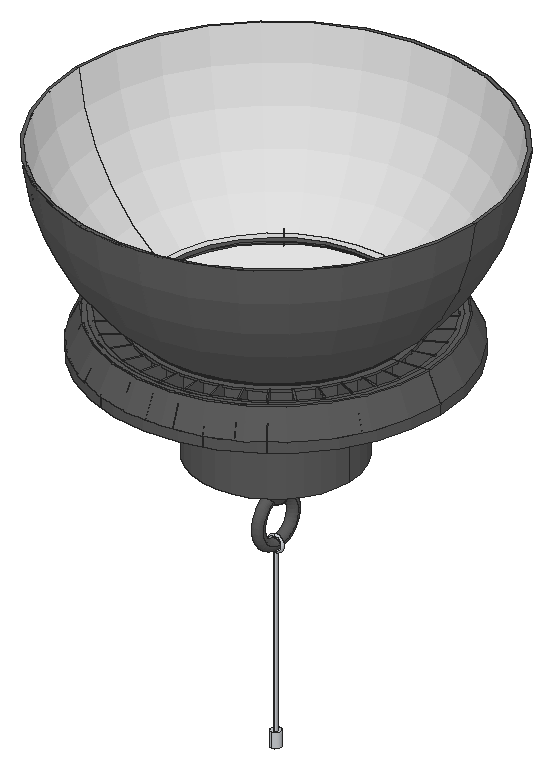
Revit family "0039352+0039360 Feilo Sylvania Lighting Fixture START HIGHBAY 6K 26KLM WIDE with ALU SHADE BLACK COLOR FOR 26KLM", category Lighting Fixtures, host Face, Revit 2017
Family settings
  Host = Face
  Round Connector Dimension = Use Diameter
  Part Type = Normal
  OmniClass Number = 23.80.70.00
  OmniClass Title = Lighting
  Cut with Voids When Loaded = No
  Light Source = Yes
  Shared = No
  Room Calculation Point = No
Parameters (values of type "0039352+0039360 START HIGHBAY 6K 26KLM WIDE ALU SHADE BLACK COLOR FOR 26KLM")
  WidthStraight_FEILO = if(SizeS_FEILO, 3 mm, if(SizeM_FEILO, 4 mm, 4.7 mm))  # 4.7 mm
  WidthRingChamfer_FEILO = if(SizeS_FEILO, 10.3 mm, if(SizeM_FEILO, 11.2 mm, 12.9 mm))  # 12.9 mm
  WidthCurved_FEILO = if(SizeS_FEILO, 17.4 mm, if(SizeM_FEILO, 16.4 mm, 26.2 mm))  # 26.2 mm
  WidthCurvedRing_FEILO = if(SizeS_FEILO, 3 mm, if(SizeM_FEILO, 4 mm, 4.7 mm))  # 4.7 mm
  WidthBracket_FEILO = 40 mm
  Weight = "3.7 kg"
  Wattage Comments = ""
  Wattage = 200 W
  WarrantyStartDate [instance] = "n/a"
  WarrantyGuarantorParts = "n/a"
  WarrantyDurationUnit = "n/a"
  WarrantyDurationParts = "n/a"
  WarrantyDescription = "n/a"
  built-in parameter 1150110 = 1 (stored number, unit not read)
  Voltage = 230 V
  VisibilityBracket_FEILO = no
  URL = "http://www.sylvania-lighting.com"
  TypeName = "START HIGHBAY 6K 26KLM WIDE ALU SHADE BLACK COLOR FOR 26KLM"
  Type Image = <None>
  Type Comments = "n/a"
  built-in parameter 1114217 = 1 (stored number, unit not read)
  Tilt Angle = -90.00°
  ThicknessWall_FEILO = 1.5 mm
  ThicknessBracket_FEILO = 1.5 mm
  ThicknessBracketHalf_FEILO = ThicknessBracket_FEILO / 2  # 0.75 mm
  built-in parameter 1150109 = 1 (stored number, unit not read)
  built-in parameter 1150134 = 1
  SuspensionHeight_FEILO [instance] = 400 mm
  built-in parameter 1150113 = 1 (stored number, unit not read)
  SizeS_FEILO = no
  SizeM_FEILO = no
  ShadeThickness_FEILO = 3 mm
  ShadeSizeSM_FEILO = or(SizeS_FEILO, SizeM_FEILO)  # no
  ShadeRadiusOut_FEILO = 205 mm
  ShadeRadiusIn_FEILO = if(ShadeSizeSM_FEILO, 95 mm, 121 mm)  # 121 mm
  ShadeRadiusBend_FEILO = if(ShadeSizeSM_FEILO, 210 mm, 210 mm)  # 210 mm
  ShadeHeight_FEILO = if(ShadeSizeSM_FEILO, 120 mm, 151 mm)  # 151 mm
  SerialNumber [instance] = "n/a"
  Rib4_FEILO = if(SizeS_FEILO, 18.1 mm, if(SizeM_FEILO, 13.6 mm, 14.6 mm))  # 14.6 mm
  Rib3_FEILO = if(SizeS_FEILO, 15.3 mm, if(SizeM_FEILO, 17.6 mm, 20.2 mm))  # 20.2 mm
  Rib2_FEILO = if(SizeS_FEILO, 3.6 mm, if(SizeM_FEILO, 3.9 mm, 4.5 mm))  # 4.5 mm
  Rib1_FEILO = if(SizeS_FEILO, 15.1 mm, if(SizeM_FEILO, 16.5 mm, 19 mm))  # 19 mm
  RadiusDiffuser_FEILO = if(SizeS_FEILO, 95.2 mm, if(SizeM_FEILO, 105.3 mm, 120 mm))  # 120 mm
  RadiusArrayPost_FEILO = DriverRadius_FEILO - 6 mm  # 70.4 mm
  RHRadius3_FEILO = if(SizeS_FEILO, 6.6 mm, if(SizeM_FEILO, 7.4 mm, 8.6 mm))  # 8.6 mm
  RHRadius2_FEILO = if(SizeS_FEILO, 11 mm, if(SizeM_FEILO, 12 mm, 14 mm))  # 14 mm
  RHRadius1_FEILO = if(SizeS_FEILO, 13.6 mm, if(SizeM_FEILO, 14.9 mm, 17.7 mm))  # 17.7 mm
  RHHeight4_FEILO = if(SizeS_FEILO, 7.3 mm, if(SizeM_FEILO, 8 mm, 9.2 mm))  # 9.2 mm
  RHHeight3_FEILO = if(SizeS_FEILO, 3.6 mm, if(SizeM_FEILO, 3.7 mm, 4.6 mm))  # 4.6 mm
  RHHeight2_FEILO = if(SizeS_FEILO, 2 mm, if(SizeM_FEILO, 2.2 mm, 2.6 mm))  # 2.6 mm
  RHHeight1_FEILO = if(SizeS_FEILO, 11.8 mm, if(SizeM_FEILO, 15.3 mm, 17.4 mm))  # 17.4 mm
  Photometric Web File = "0039352+0039360.ies"
  Material_5_FEILO = Shade-Sylvania-StartHighbay-Alu
  Material_3_FEILO = LED-Sylvania-StartHighbay-Glow
  PowerFactor = 0.95
  PowerConsumption = "200 W"
  NominalLength = 339 mm
  NominalHeight = 194 mm
  NominalDepth = 339 mm
  Name = "START HIGHBAY 6K 26KLM WIDE ALU SHADE BLACK COLOR FOR 26KLM"
  ModelReference = Name  # "START HIGHBAY 6K 26KLM WIDE ALU SHADE BLACK COLOR FOR 26KLM"
  ModelNumber = "0039352+0039360"
  Model = Name  # "START HIGHBAY 6K 26KLM WIDE ALU SHADE BLACK COLOR FOR 26KLM"
  Material = "aluminium alloy housing, polycarbonate diffuser"
  ManufacturerName = "Feilo Sylvania"
  Manufacturer = "Feilo Sylvania"
  LuminousEfficacy = "130 lm/W"
  built-in parameter 1150105 = 14870 (stored number, unit not read)
  Lumens = 26000 lm
  LuminaireType = ""
  built-in parameter 1150115 = 1 (stored number, unit not read)
  LightOutputRatio = "n/a"
  built-in parameter 1150137 = (empty or 0)
  built-in parameter 1150139 = (empty or 0)
  LampsType = Lamp  # "LED"
  LampNominalLuminous = "26000 lm"
  LampMacAdamStep = "n/a"
  LampColourTemperature = "6500 K"
  LampColourRenderingIndex = "80"
  built-in parameter 1150112 = 1 (stored number, unit not read)
  built-in parameter 1150114 = 1 (stored number, unit not read)
  Lamp = "LED"
  Keynote = "16500"
  InstallationDate [instance] = "n/a"
  InputVoltage = "220-240V~"
  InputNominalFrequency = "50/60 Hz"
  built-in parameter 1150132 = (empty or 0)
  built-in parameter 1150102 = (empty or 0)
  built-in parameter 1150107 = 6500 (stored number, unit not read)
  built-in parameter 1150138 = (empty or 0)
  IngressProtection = "IP65"
  ImpactProtectionIndex = "IK08"
  built-in parameter 1150106 = 148.7 (stored number, unit not read)
  IfcExportType = "IfcLightFixtureType"
  IfcExportAs = "IfcLightFixtureType"
  HeightRing_FEILO = if(SizeS_FEILO, 19.8 mm, if(SizeM_FEILO, 32 mm, 36.8 mm))  # 36.8 mm
  HeightRingChamfer_FEILO = if(SizeS_FEILO, 11.7 mm, if(SizeM_FEILO, 23.2 mm, 26.6 mm))  # 26.6 mm
  EyeThickness_FEILO = if(SizeS_FEILO, 8.4 mm, if(SizeM_FEILO, 9.2 mm, 10.5 mm))  # 10.5 mm
  EyeThicknessHalf_FEILO = EyeThickness_FEILO / 2  # 5.25 mm
  EyeInner_FEILO = if(SizeS_FEILO, 13.8 mm, if(SizeM_FEILO, 15.1 mm, 17.3 mm))  # 17.3 mm
  ExpectedLife = 50000
  Emit from Circle Diameter = RadiusDiffuser_FEILO * 2  # 240 mm
  Emit Shape Visible in Rendering = no
  ElectricShockClassification = "Class I"
  built-in parameter 1150104 = 12.077 (stored number, unit not read)
  DurationUnit = "hours"
  DriverVerticalStraight_FEILO = if(SizeS_FEILO, 46.5 mm, if(SizeM_FEILO, 49.7 mm, 57 mm))  # 57 mm
  DriverVerticalChamfer_FEILO = if(SizeS_FEILO, 7.5 mm, if(SizeM_FEILO, 8.2 mm, 9.5 mm))  # 9.5 mm
  DriverRadius_FEILO = if(SizeS_FEILO, 61.4 mm, if(SizeM_FEILO, 67.2 mm, 76.4 mm))  # 76.4 mm
  DriverRadiusTop_FEILO = if(SizeS_FEILO, 42 mm, if(SizeM_FEILO, 45.3 mm, 52.4 mm))  # 52.4 mm
  DriverBottom_FEILO = if(SizeS_FEILO, 56 mm, if(SizeM_FEILO, 64.5 mm, 74 mm))  # 74 mm
  DocumentationLiterature = "http://www.sylvania-lighting.com/product/en-int/products/0039352"
  DimmingControlOptions = "n/a"
  Material_2_FEILO = Diffuser-Sylvania-StartHighbay-Transparent
  Radius_FEILO = if(SizeS_FEILO, 135 mm, if(SizeM_FEILO, 148 mm, 169.5 mm))  # 169.5 mm
  Dimming Lamp Color Temperature Shift = <None>
  DiameterWire_FEILO = 3 mm
  DiameterWireSupport_FEILO = 10 mm
  Description = "START HIGHBAY, includes 1 m cables, black aluminium housing, 26000LM, 200W, 130lm/W, 6500K, Driver current: 5000mA, CR80, 60° beam angle, 1-10V dimmable,  IP65, IK08, 50,000 hrs (L70B50), (LxWxH) 339x339x194mm"
  Default Elevation = 1219.2 mm
  CreatedOn = "2/28/2018"
  CreatedBy = ""
  Cost = 0
  Color Filter = 16777215
  built-in parameter 1114216 [instance] = (empty or 0)
  ClassificationValue = "EF_70_80"
  ClassificationName = "Uniclass2015"
  Material_1_FEILO = Body-Sylvania-StartHighbay-Black
  BarCode [instance] = "n/a"
  built-in parameter 1114218 = 1 (stored number, unit not read)
  built-in parameter 1150133 = 10 (stored number, unit not read)
  AssetType = "Fixed"
  AssetIdentifier [instance] = "n/a"
  Assembly Code = "D5020200"
  Apparent Load = 200 VA
  Material_4_FEILO = Shade-Sylvania-StartHighbay-Black
Reference planes
  plane 1 "Center (Front/Back)": y = 0
  plane 2: z = 0
  plane 3 "Center (Left/Right)": x = 0
  plane 4: z = 400
  plane 5: x = -169.5
  plane 6: x = -156.6
  plane 7: z = 373.4
  plane 8: z = 363.2
  plane 9: x = -151.9
  plane 10: z = 397.375
  plane 11: x = -125.7
  plane 12: x = -120
  plane 13: x = -147.2
  plane 14: z = 398.375
  plane 15: z = 396.375
  plane 16: x = -117
  plane 17: z = 395.375
  plane 18: x = -168
  plane 19: x = -150.5
  plane 20: z = 358.7
  plane 21: x = -130.3
  plane 22: z = 344.1
  plane 23: x = -20
  plane 24: z = 326
  plane 25: x = -76.4
  plane 26: z = 269
  plane 27: x = -52.4
  plane 28: z = 259.5
  plane 29: x = -17.7
  plane 30: z = 242.1
  plane 31: z = 239.5
  plane 32: x = -14
  plane 33: z = 234.9
  plane 34: z = 225.7
  plane 35: x = -8.6
  plane 36: z = 208.4
  plane 37: z = 191.1
  plane 38: x = 5.25
  plane 39: x = -5.25
  plane 40: z = 180.6
  plane 41: z = 185.85
  plane 42: x = -162.3
  plane 43: x = -167
  plane 44: z = 361.7
  plane 45: x = -155.1
  plane 46: z = 297.5
  plane 47: y = -20
  plane 48: y = 20
  plane 49: x = 169.5
  plane 50: x = 156.6
  plane 51: x = 168
  plane 52: x = 162.3
  plane 53: x = 167
  plane 54: x = 155.1
  plane 55: z = 194.1
  plane 56: y = 1.5
  plane 57: y = -1.5
  plane 58: z = 192.6
  plane 59: z = 179.1
  plane 60: z = 177.6
  plane 61: y = -5
  plane 62: y = 5
  plane 63: z = 14
  plane 64: x = -205
  plane 65: z = 551
  plane 66: x = -121
  plane 67: x = -113
  plane 68: x = -202
  plane 69: z = 403
Forms (mm)
  Revolve 1, solid, material "Body-Sylvania-StartHighbay-Black" <- "Material_1_FEILO", detail levels medium+fine
    sketch origin (0, 0, 0) x (1, 0, 0) y (0, 0, 1)
      loop
        line (-169.5, 363.2) -> (-168, 363.2) -> (-168, 373.055) -> (-156.206, 397.375) -> (-147.2, 397.375) -> (-147.2, 399.137)
        arc (-147.2, 399.137) -> (-149.554, 399.547) -> (-151.9, 400) r 132.063
        line (-151.9, 400) -> (-156.141, 400)
        arc (-156.141, 400) -> (-156.63, 399.826) -> (-156.899, 399.383) r 0.774
        line (-156.899, 399.383) -> (-169.5, 373.4) -> (-169.5, 363.2)
      axis (0, 400) -> (0, 363.2)
    angle from 360 to 0
  Revolve 2, solid, material "Body-Sylvania-StartHighbay-Black" <- "Material_1_FEILO", detail levels medium+fine
    sketch origin (0, 0, 0) x (1, 0, 0) y (0, 0, 1)
      loop
        line (-125.7, 395.375) -> (-120, 395.375) -> (-120, 373.4) -> (0, 373.4) -> (0, 395.375) -> (-117, 395.375) -> (-117, 396.375) -> (-120, 396.375) -> (-120, 397.375) -> (-125.7, 397.375) -> (-125.7, 395.375)
      axis (0, 397.375) -> (0, 373.4)
    angle from 360 to 0
  Revolve 3, solid, material "Diffuser-Sylvania-StartHighbay-Transparent" <- "Material_2_FEILO", detail levels medium+fine
    sketch origin (0, 0, 0) x (1, 0, 0) y (0, 0, 1)
      loop
        line (-120, 396.375) -> (0, 396.375) -> (0, 398.375) -> (-120, 398.375) -> (-120, 396.375)
      axis (0, 398.375) -> (0, 396.375)
    angle from 360 to 0
  Revolve 4, solid, material "Body-Sylvania-StartHighbay-Black" <- "Material_1_FEILO"
    sketch origin (0, 0, 0) x (1, 0, 0) y (0, 0, 1)
      loop
        line (-76.4, 344.1) -> (-76.4, 269) -> (-52.4, 259.5) -> (-17.7, 259.5) -> (-17.7, 242.1) -> (-14, 239.5) -> (-14, 234.9) -> (-9.037, 226.426)
        arc (-9.037, 226.426) -> (-8.49, 225.894) -> (-7.753, 225.7) r 1.5
        line (-7.753, 225.7) -> (0, 225.7) -> (0, 344.1) -> (-76.4, 344.1)
      axis (0, 344.1) -> (0, 225.7)
    angle from 360 to 0
  Revolve 5, solid, material "Body-Sylvania-StartHighbay-Black" <- "Material_1_FEILO"
    sketch origin (0, 0, 0) x (1, 0, 0) y (0, 0, 1)
      loop
        circle (0, 185.85) r 5.25
      axis (5.25, 208.4) -> (-5.25, 208.4)
    angle from 360 to 0
  Extrusion 6, solid, material "Body-Sylvania-StartHighbay-Black" <- "Material_1_FEILO", visible <- "VisibilityBracket_FEILO"
    sketch origin (0, 0, 0) x (1, 0, 0) y (0, 0, 1)
      loop
        line (-167, 363.2) -> (-167, 361.7) -> (-157.35, 361.7)
        arc (-157.35, 361.7) -> (-156.82, 361.48) -> (-156.6, 360.95) r 0.75
        line (-156.6, 360.95) -> (-156.6, 297.5) -> (-155.1, 297.5) -> (-155.1, 361.7)
        arc (-155.1, 361.7) -> (-155.539, 362.761) -> (-156.6, 363.2) r 1.5
        line (-156.6, 363.2) -> (-167, 363.2)
      loop
        line (167, 363.2) -> (156.6, 363.2)
        arc (156.6, 363.2) -> (155.539, 362.761) -> (155.1, 361.7) r 1.5
        line (155.1, 361.7) -> (155.1, 297.5) -> (156.6, 297.5) -> (156.6, 360.95)
        arc (156.6, 360.95) -> (156.82, 361.48) -> (157.35, 361.7) r 0.75
        line (157.35, 361.7) -> (167, 361.7) -> (167, 363.2)
    from -20 to 20
  Extrusion 7, void
    sketch origin (0, 0, 0) x (0, 1, 0) y (0, 0, 1)
      loop
        arc (-10, 297.5) -> (-17.071, 300.429) -> (-20, 307.5) r 10
        line (-20, 307.5) -> (-25, 307.5) -> (-25, 292.5) -> (-10, 292.5) -> (-10, 297.5)
      loop
        line (10, 297.5) -> (10, 292.5) -> (25, 292.5) -> (25, 307.5) -> (20, 307.5)
        arc (20, 307.5) -> (17.071, 300.429) -> (10, 297.5) r 10
    from -156.6 to 156.6
  Revolve 8, solid, material "Body-Sylvania-StartHighbay-Black" <- "Material_1_FEILO", detail levels coarse
    sketch origin (0, 0, 0) x (1, 0, 0) y (0, 0, 1)
      loop
        line (0, 400) -> (-156.6, 400) -> (-169.5, 373.4) -> (-169.5, 363.2) -> (-150.5, 363.2) -> (-150.5, 358.7) -> (-130.3, 344.1) -> (0, 344.1) -> (0, 400)
      axis (0, 400) -> (0, 344.1)
    angle from 360 to 0
  Revolve 9, solid
    sketch origin (0, 0, 0) x (0, 1, 0) y (0, 0, 1)
      loop
        circle (0, 192.6) r 1.5
      axis (1.5, 185.85) -> (-1.5, 185.85)
    angle from 360 to 0
  Revolve 10, solid
    sketch origin (0, 0, 0) x (0, 1, 0) y (0, 0, 1)
      loop
        line (0, 0) -> (0, 179.1) -> (-1.5, 179.1) -> (-1.5, 14) -> (-5, 14) -> (-5, 0) -> (0, 0)
      axis (0, 0) -> (0, 179.1)
    angle from 360 to 0
  Revolve 11, solid, material "Shade-Sylvania-StartHighbay-Black" <- "Material_4_FEILO"
    sketch origin (0, 0, 0) x (1, 0, 0) y (0, 0, 1)
      loop
        line (-121, 400) -> (-113, 400) -> (-113, 403) -> (-120.341, 403)
        arc (-120.341, 403) -> (-177.055, 468.269) -> (-202.193, 551) r 207.203
        line (-202.193, 551) -> (-205, 551)
        arc (-205, 551) -> (-179.25, 466.46) -> (-121, 400) r 210
      axis (0, 551) -> (0, 400)
    angle from 360 to 0
Cuts and joins
  Extrusion 7 cuts Extrusion 6
Lines and regions (mm)
  reference lines
    curve 1: line (-169.5, 0, 373.4) -> (-156.6, 0, 400)
    curve 2: line (-125.7, 0, 397.375) -> (0, 0, 397.375)
    curve 3: arc (-125.7, 0, 397.375) -> (-138.866, 0, 398.033) -> (-151.9, 0, 400) r 132.063
    curve 4: line (-156.6, 0, 400) -> (-151.9, 0, 400)
    curve 5: line (-156.206, 0, 397.375) -> (-168, 0, 373.055)
    curve 6: line (-150.5, 0, 358.7) -> (-130.3, 0, 344.1)
    curve 7: line (-14, 0, 234.9) -> (-8.6, 0, 225.7)
    curve 8: circle (0, 0, 185.85) r 5.25 normal (0, -1, 0)
    curve 9: arc (-121, 0, 400) -> (-179.25, 0, 466.46) -> (-205, 0, 551) r 210
Dimensions and locks
  "Radius_FEILO": plane 3 "Center (Left/Right)" to plane 5
  "WidthRingChamfer_FEILO": plane 6 to plane 5
  "WidthStraight_FEILO": plane 9 to plane 6
  "WidthCurvedRing_FEILO": plane 13 to plane 9
  locked: plane 10 to plane 15 at 1
  locked: plane 14 to plane 10 at 1
  locked: plane 4 to plane 10 at 2.625
  locked: plane 15 to plane 17 at 1
  "ThicknessWall_FEILO": plane 18 to plane 5
  "ThicknessWall_FEILO": curve 5 to curve 1
  "HeightRingChamfer_FEILO": plane 4 to plane 7
  "HeightRing_FEILO": plane 4 to plane 8
  "RadiusDiffuser_FEILO": plane 3 "Center (Left/Right)" to plane 12
  locked: plane 16 to plane 12 at 3
  "WidthCurved_FEILO": plane 11 to plane 9
  "SuspensionHeight_FEILO": plane 4 to plane 2
  "Rib1_FEILO": plane 19 to plane 5
  "Rib2_FEILO": plane 8 to plane 20
  "Rib3_FEILO": plane 21 to plane 19
  "Rib4_FEILO": plane 20 to plane 22
  locked: plane 3 "Center (Left/Right)" to plane 23 at 20
  "DriverBottom_FEILO": plane 4 to plane 24
  "DriverRadius_FEILO": plane 3 "Center (Left/Right)" to plane 25
  "DriverVerticalStraight_FEILO": plane 24 to plane 26
  "DriverRadiusTop_FEILO": plane 3 "Center (Left/Right)" to plane 27
  "DriverVerticalChamfer_FEILO": plane 26 to plane 28
  "RHRadius1_FEILO": plane 3 "Center (Left/Right)" to plane 29
  "RHHeight2_FEILO": plane 30 to plane 31
  "RHRadius2_FEILO": plane 3 "Center (Left/Right)" to plane 32
  "RHHeight3_FEILO": plane 31 to plane 33
  "RHHeight4_FEILO": plane 33 to plane 34
  "RHRadius3_FEILO": plane 3 "Center (Left/Right)" to plane 35
  "RHHeight1_FEILO": plane 28 to plane 30
  "EyeInner_FEILO": plane 34 to plane 36
  "EyeInner_FEILO": plane 36 to plane 37
  equal spacing: plane 38, plane 3 "Center (Left/Right)", plane 39
  "EyeThickness_FEILO": plane 38 to plane 39
  "EyeThickness_FEILO": plane 37 to plane 40
  equal spacing: plane 37, plane 41, plane 40
  equal spacing: plane 6, plane 42, plane 18
  "ThicknessBracket_FEILO": plane 45 to plane 6
  "ThicknessBracket_FEILO": plane 8 to plane 44
  locked: plane 43 to plane 18 at 1
  equal spacing: plane 24, plane 46, plane 26
  equal spacing: plane 47, plane 1 "Center (Front/Back)", plane 48
  "WidthBracket_FEILO": plane 47 to plane 48
  "WidthRingChamfer_FEILO": plane 50 to plane 49
  "ThicknessWall_FEILO": plane 51 to plane 49
  equal spacing: plane 50, plane 52, plane 51
  "ThicknessBracket_FEILO": plane 54 to plane 50
  locked: plane 53 to plane 51 at 1
  "Radius_FEILO": plane 49 to plane 3 "Center (Left/Right)"
  equal spacing: plane 57, imposter light, plane 56
  "DiameterWire_FEILO": plane 57 to plane 56
  "DiameterWire_FEILO": plane 37 to plane 55
  equal spacing: plane 37, plane 58, plane 55
  "DiameterWire_FEILO": plane 60 to plane 40
  equal spacing: plane 60, plane 59, plane 40
  equal spacing: plane 61, plane 1 "Center (Front/Back)", plane 62
  "DiameterWireSupport_FEILO": plane 61 to plane 62
  locked: plane 63 to plane 2 at 14
  "ShadeRadiusOut_FEILO": plane 3 "Center (Left/Right)" to plane 64
  "ShadeHeight_FEILO": plane 65 to plane 4
  "ShadeRadiusIn_FEILO": plane 3 "Center (Left/Right)" to plane 66
  locked: plane 67 to plane 66 at 8
  "ShadeThickness_FEILO": plane 69 to plane 4
  "ShadeThickness_FEILO": plane 68 to plane 64
  "EyeThicknessHalf_FEILO": radius of curve 8
  "ThicknessBracket_FEILO": radius of Extrusion 6 sketch curve  (x2)
  "ThicknessBracketHalf_FEILO": radius of Extrusion 6 sketch curve  (x2)
  "DiameterWire_FEILO": diameter of Revolve 9 sketch curve
  "ShadeRadiusBend_FEILO": radius of curve 9
  aligned and locked: plane 2 to host face
  aligned and locked: level to host face
  aligned and locked: plane 5 to curve 1
  aligned and locked: plane 6 to curve 1
  aligned and locked: plane 7 to curve 1
  aligned and locked: plane 10 to curve 2
  aligned and locked: plane 9 to curve 3
  aligned and locked: plane 4 to curve 3
  aligned and locked: plane 11 to curve 3
  aligned and locked: plane 4 to curve 4
  aligned and locked: plane 18 to curve 5
  aligned and locked: plane 10 to curve 5
  aligned and locked: Revolve 1 sketch curve to plane 3 "Center (Left/Right)"
  aligned and locked: Revolve 1 sketch curve to curve 3
  aligned and locked: Revolve 1 sketch curve to curve 1
  aligned and locked: plane 4 to Revolve 1 sketch curve
  aligned and locked: plane 9 to Revolve 1 sketch curve
  aligned and locked: Revolve 1 sketch curve to plane 13
  aligned and locked: Revolve 1 sketch curve to plane 10
  aligned and locked: plane 13 to Revolve 1 sketch curve
  aligned and locked: plane 10 to Revolve 1 sketch curve
  aligned and locked: Revolve 1 sketch curve to plane 18
  aligned and locked: Revolve 1 sketch curve to plane 8
  aligned and locked: plane 5 to Revolve 1 sketch curve  (x2)
  aligned and locked: Revolve 2 sketch curve to plane 3 "Center (Left/Right)"
  aligned and locked: plane 11 to Revolve 2 sketch curve
  aligned and locked: Revolve 2 sketch curve to curve 2
  aligned and locked: plane 15 to Revolve 2 sketch curve
  aligned and locked: Revolve 2 sketch curve to plane 16
  aligned and locked: plane 17 to Revolve 2 sketch curve  (x2)
  aligned and locked: Revolve 2 sketch curve to plane 12
  aligned and locked: plane 7 to Revolve 2 sketch curve
  aligned and locked: Revolve 3 sketch curve to plane 3 "Center (Left/Right)"
  aligned and locked: Revolve 3 sketch curve to plane 14
  aligned and locked: plane 3 "Center (Left/Right)" to Revolve 3 sketch curve
  aligned and locked: Revolve 3 sketch curve to plane 12
  aligned and locked: plane 15 to Revolve 3 sketch curve
  aligned and locked: Revolve 1 sketch curve to curve 5
  aligned and locked: plane 22 to curve 6
  aligned and locked: plane 21 to curve 6
  aligned and locked: plane 20 to curve 6
  aligned and locked: plane 19 to curve 6
  aligned and locked: plane 33 to curve 7
  aligned and locked: plane 32 to curve 7
  aligned and locked: plane 35 to curve 7
  aligned and locked: plane 34 to curve 7
  aligned and locked: Revolve 4 sketch curve to plane 3 "Center (Left/Right)"
  aligned and locked: Revolve 4 sketch curve to plane 25
  aligned and locked: plane 27 to Revolve 4 sketch curve
  aligned and locked: plane 28 to Revolve 4 sketch curve
  aligned and locked: plane 30 to Revolve 4 sketch curve
  aligned and locked: Revolve 4 sketch curve to plane 29
  aligned and locked: plane 31 to Revolve 4 sketch curve
  aligned and locked: Revolve 4 sketch curve to curve 7
  aligned and locked: Revolve 4 sketch curve to plane 32
  aligned and locked: plane 34 to Revolve 4 sketch curve
  aligned and locked: plane 3 "Center (Left/Right)" to Revolve 4 sketch curve
  aligned and locked: plane 3 "Center (Left/Right)" to curve 8
  aligned and locked: plane 41 to curve 8
  aligned and locked: Revolve 5 sketch curve to plane 36
  aligned and locked: Revolve 5 sketch curve to curve 8
  aligned and locked: plane 43 to Extrusion 6 sketch curve  (x2)
  aligned and locked: plane 8 to Extrusion 6 sketch curve  (x3)
  aligned and locked: Extrusion 6 sketch curve to plane 45
  aligned and locked: Extrusion 6 sketch curve to plane 46  (x2)
  aligned and locked: plane 6 to Extrusion 6 sketch curve
  aligned and locked: Extrusion 6 sketch curve to plane 44  (x2)
  aligned and locked: Extrusion 6 to plane 48
  aligned and locked: plane 47 to Extrusion 6
  aligned and locked: plane 53 to Extrusion 6 sketch curve
  aligned and locked: plane 50 to Extrusion 6 sketch curve
  aligned and locked: Extrusion 6 sketch curve to plane 54
  aligned and locked: Extrusion 7 sketch curve to Extrusion 7 sketch curve
  aligned and locked: Extrusion 7 to plane 6
  aligned and locked: Extrusion 7 to Extrusion 6
  aligned and locked: Revolve 4 sketch curve to plane 22
  aligned and locked: plane 23 to nested 1
  aligned and locked: plane 1 "Center (Front/Back)" to nested 1
  aligned and locked: Revolve 8 sketch curve to plane 3 "Center (Left/Right)"
  aligned and locked: Revolve 8 sketch curve to plane 4
  aligned and locked: plane 6 to Revolve 8 sketch curve
  aligned and locked: plane 4 to Revolve 8 sketch curve
  aligned and locked: plane 7 to Revolve 8 sketch curve
  aligned and locked: Revolve 8 sketch curve to plane 5
  aligned and locked: plane 8 to Revolve 8 sketch curve  (x2)
  aligned and locked: Revolve 8 sketch curve to plane 19
  aligned and locked: plane 20 to Revolve 8 sketch curve
  aligned and locked: plane 19 to Revolve 8 sketch curve
  aligned and locked: plane 21 to Revolve 8 sketch curve
  aligned and locked: plane 22 to Revolve 8 sketch curve  (x2)
  aligned and locked: Revolve 8 sketch curve to Revolve 8 sketch curve
  aligned and locked: imposter light to plane 4
  aligned and locked: plane 3 "Center (Left/Right)" to imposter light
  aligned and locked: imposter light to plane 1 "Center (Front/Back)"
  aligned and locked: Revolve 9 sketch curve to plane 41
  aligned and locked: Revolve 10 sketch curve to plane 1 "Center (Front/Back)"
  aligned and locked: plane 1 "Center (Front/Back)" to Revolve 10 sketch curve  (x2)
  aligned and locked: host face to Revolve 10 sketch curve
  aligned and locked: plane 63 to Revolve 10 sketch curve
  aligned and locked: Revolve 10 sketch curve to plane 61
  aligned and locked: Revolve 10 sketch curve to plane 57
  aligned and locked: plane 59 to Revolve 10 sketch curve
  aligned and locked: plane 64 to curve 9
  aligned and locked: plane 65 to curve 9
  aligned and locked: plane 66 to curve 9
  aligned and locked: plane 4 to curve 9
  aligned and locked: Revolve 11 sketch curve to curve 9
  aligned and locked: plane 67 to Revolve 11 sketch curve
  aligned and locked: plane 66 to Revolve 11 sketch curve
  aligned and locked: plane 65 to Revolve 11 sketch curve  (x2)
  aligned and locked: Revolve 11 sketch curve to plane 67
  aligned and locked: plane 69 to Revolve 11 sketch curve
Automatic sketch dimensions
  host sketch curve to host sketch curve = 2438.4 mm  (x2)
  Revolve 1 sketch curve to plane 6 = 0.299 mm
  plane 6 to Revolve 1 sketch curve = 0.459 mm
  Revolve 1 sketch curve to level = 609.6 mm
  Revolve 1 sketch curve to Revolve 1 sketch curve = 2312.223 mm
  Revolve 2 sketch curve to plane 12 = 0 mm
  Revolve 2 sketch curve to plane 3 "Center (Left/Right)" = 0 mm
  Revolve 2 sketch curve to level = 609.6 mm
  Revolve 2 sketch curve to plane 4 = 2339.058 mm
  Revolve 3 sketch curve to level = 609.6 mm
  Revolve 3 sketch curve to plane 4 = 2339.058 mm
  Revolve 5 sketch curve to plane 5 = 1080 mm
  plane 38 to Revolve 5 sketch curve = 1219.2 mm
  Extrusion 7 sketch curve to plane 47 = 0 mm
  plane 46 to Extrusion 7 sketch curve = 0 mm  (x2)
  Extrusion 7 sketch curve to plane 48 = 0 mm
  plane 47 to Extrusion 7 sketch curve = 5 mm
  plane 1 "Center (Front/Back)" to Extrusion 7 sketch curve = 10 mm
  Extrusion 7 sketch curve to Extrusion 7 sketch curve = 10 mm
  plane 46 to Extrusion 7 sketch curve = 5 mm
  Extrusion 7 sketch curve to Extrusion 7 sketch curve = 5 mm
  Extrusion 7 sketch curve to plane 48 = 5 mm
  Revolve 4 sketch curve to plane 26 = 0 mm
  Revolve 4 sketch curve to plane 35 = 0.437 mm
  plane 35 to Revolve 4 sketch curve = 0.847 mm
  Revolve 4 sketch curve to plane 34 = 0.726 mm
  plane 40 to Revolve 4 sketch curve = 590.2 mm
  Revolve 4 sketch curve to plane 4 = 2339.058 mm
  Revolve 8 sketch curve to level = 609.6 mm
  Revolve 8 sketch curve to Revolve 8 sketch curve = 2386.058 mm
  Revolve 9 sketch curve to plane 1 "Center (Front/Back)" = 0 mm
  plane 58 to Revolve 9 sketch curve = 0 mm
  plane 47 to Revolve 9 sketch curve = 2534.941 mm
  Revolve 9 sketch curve to plane 48 = 2077.409 mm
  Revolve 10 sketch curve to Revolve 10 sketch curve = 609.6 mm
  Revolve 10 sketch curve to plane 4 = 2123.807 mm
  curve 2 to plane 3 "Center (Left/Right)" = 0 mm
  Revolve 11 sketch curve to Revolve 11 sketch curve = 0 mm  (x2)
  Revolve 11 sketch curve to plane 3 "Center (Left/Right)" = 0 mm
  plane 66 to Revolve 11 sketch curve = 0.659 mm
  Revolve 11 sketch curve to level = 609.6 mm
  Revolve 11 sketch curve to Revolve 11 sketch curve = 2068.248 mm
Nested families
  nested 1: "Start Highbay Rib" at (0, 0, 397.375), type "Type Name", detail levels medium+fine
    with SuspensionHeight_FEILO 2.6 mm
  nested 2: "Start Highbay Rib" at (0, 0, 397.375) x (0.9877, 0.1564, 0) z (0, 0, 1), type "Type Name", detail levels medium+fine
    with SuspensionHeight_FEILO 2.6 mm
  nested 3: "Start Highbay Rib" at (0, 0, 397.375) x (0.9511, 0.309, 0) z (0, 0, 1), type "Type Name", detail levels medium+fine
    with SuspensionHeight_FEILO 2.6 mm
  nested 4: "Start Highbay Rib" at (0, 0, 397.375) x (0.891, 0.454, 0) z (0, 0, 1), type "Type Name", detail levels medium+fine
    with SuspensionHeight_FEILO 2.6 mm
  nested 5: "Start Highbay Rib" at (0, 0, 397.375) x (0.809, 0.5878, 0) z (0, 0, 1), type "Type Name", detail levels medium+fine
    with SuspensionHeight_FEILO 2.6 mm
  nested 6: "Start Highbay Rib" at (0, 0, 397.375) x (0.7071, 0.7071, 0) z (0, 0, 1), type "Type Name", detail levels medium+fine
    with SuspensionHeight_FEILO 2.6 mm
  nested 7: "Start Highbay Rib" at (0, 0, 397.375) x (0.5878, 0.809, 0) z (0, 0, 1), type "Type Name", detail levels medium+fine
    with SuspensionHeight_FEILO 2.6 mm
  nested 8: "Start Highbay Rib" at (0, 0, 397.375) x (0.454, 0.891, 0) z (0, 0, 1), type "Type Name", detail levels medium+fine
    with SuspensionHeight_FEILO 2.6 mm
  nested 9: "Start Highbay Rib" at (0, 0, 397.375) x (0.309, 0.9511, 0) z (0, 0, 1), type "Type Name", detail levels medium+fine
    with SuspensionHeight_FEILO 2.6 mm
  nested 10: "Start Highbay Rib" at (0, 0, 397.375) x (0.1564, 0.9877, 0) z (0, 0, 1), type "Type Name", detail levels medium+fine
    with SuspensionHeight_FEILO 2.6 mm
  nested 11: "Start Highbay Rib" at (0, 0, 397.375) x (0, 1, 0) z (0, 0, 1), type "Type Name", detail levels medium+fine
    with SuspensionHeight_FEILO 2.6 mm
  nested 12: "Start Highbay Rib" at (0, 0, 397.375) x (-0.1564, 0.9877, 0) z (0, 0, 1), type "Type Name", detail levels medium+fine
    with SuspensionHeight_FEILO 2.6 mm
  nested 13: "Start Highbay Rib" at (0, 0, 397.375) x (-0.309, 0.9511, 0) z (0, 0, 1), type "Type Name", detail levels medium+fine
    with SuspensionHeight_FEILO 2.6 mm
  nested 14: "Start Highbay Rib" at (0, 0, 397.375) x (-0.454, 0.891, 0) z (0, 0, 1), type "Type Name", detail levels medium+fine
    with SuspensionHeight_FEILO 2.6 mm
  nested 15: "Start Highbay Rib" at (0, 0, 397.375) x (-0.5878, 0.809, 0) z (0, 0, 1), type "Type Name", detail levels medium+fine
    with SuspensionHeight_FEILO 2.6 mm
  nested 16: "Start Highbay Rib" at (0, 0, 397.375) x (-0.7071, 0.7071, 0) z (0, 0, 1), type "Type Name", detail levels medium+fine
    with SuspensionHeight_FEILO 2.6 mm
  nested 17: "Start Highbay Rib" at (0, 0, 397.375) x (-0.809, 0.5878, 0) z (0, 0, 1), type "Type Name", detail levels medium+fine
    with SuspensionHeight_FEILO 2.6 mm
  nested 18: "Start Highbay Rib" at (0, 0, 397.375) x (-0.891, 0.454, 0) z (0, 0, 1), type "Type Name", detail levels medium+fine
    with SuspensionHeight_FEILO 2.6 mm
  nested 19: "Start Highbay Rib" at (0, 0, 397.375) x (-0.9511, 0.309, 0) z (0, 0, 1), type "Type Name", detail levels medium+fine
    with SuspensionHeight_FEILO 2.6 mm
  nested 20: "Start Highbay Rib" at (0, 0, 397.375) x (-0.9877, 0.1564, 0) z (0, 0, 1), type "Type Name", detail levels medium+fine
    with SuspensionHeight_FEILO 2.6 mm
  nested 21: "Start Highbay Rib" at (0, 0, 397.375) x (-1, 0, 0) z (0, 0, 1), type "Type Name", detail levels medium+fine
    with SuspensionHeight_FEILO 2.6 mm
  nested 22: "Start Highbay Rib" at (0, 0, 397.375) x (-0.9877, -0.1564, 0) z (0, 0, 1), type "Type Name", detail levels medium+fine
    with SuspensionHeight_FEILO 2.6 mm
  nested 23: "Start Highbay Rib" at (0, 0, 397.375) x (-0.9511, -0.309, 0) z (0, 0, 1), type "Type Name", detail levels medium+fine
    with SuspensionHeight_FEILO 2.6 mm
  nested 24: "Start Highbay Rib" at (0, 0, 397.375) x (-0.891, -0.454, 0) z (0, 0, 1), type "Type Name", detail levels medium+fine
    with SuspensionHeight_FEILO 2.6 mm
  nested 25: "Start Highbay Rib" at (0, 0, 397.375) x (-0.809, -0.5878, 0) z (0, 0, 1), type "Type Name", detail levels medium+fine
    with SuspensionHeight_FEILO 2.6 mm
  nested 26: "Start Highbay Rib" at (0, 0, 397.375) x (-0.7071, -0.7071, 0) z (0, 0, 1), type "Type Name", detail levels medium+fine
    with SuspensionHeight_FEILO 2.6 mm
  nested 27: "Start Highbay Rib" at (0, 0, 397.375) x (-0.5878, -0.809, 0) z (0, 0, 1), type "Type Name", detail levels medium+fine
    with SuspensionHeight_FEILO 2.6 mm
  nested 28: "Start Highbay Rib" at (0, 0, 397.375) x (-0.454, -0.891, 0) z (0, 0, 1), type "Type Name", detail levels medium+fine
    with SuspensionHeight_FEILO 2.6 mm
  nested 29: "Start Highbay Rib" at (0, 0, 397.375) x (-0.309, -0.9511, 0) z (0, 0, 1), type "Type Name", detail levels medium+fine
    with SuspensionHeight_FEILO 2.6 mm
  nested 30: "Start Highbay Rib" at (0, 0, 397.375) x (-0.1564, -0.9877, 0) z (0, 0, 1), type "Type Name", detail levels medium+fine
    with SuspensionHeight_FEILO 2.6 mm
  nested 31: "Start Highbay Rib" at (0, 0, 397.375) x (0, -1, 0) z (0, 0, 1), type "Type Name", detail levels medium+fine
    with SuspensionHeight_FEILO 2.6 mm
  nested 32: "Start Highbay Rib" at (0, 0, 397.375) x (0.1564, -0.9877, 0) z (0, 0, 1), type "Type Name", detail levels medium+fine
    with SuspensionHeight_FEILO 2.6 mm
  nested 33: "Start Highbay Rib" at (0, 0, 397.375) x (0.309, -0.9511, 0) z (0, 0, 1), type "Type Name", detail levels medium+fine
    with SuspensionHeight_FEILO 2.6 mm
  nested 34: "Start Highbay Rib" at (0, 0, 397.375) x (0.454, -0.891, 0) z (0, 0, 1), type "Type Name", detail levels medium+fine
    with SuspensionHeight_FEILO 2.6 mm
  nested 35: "Start Highbay Rib" at (0, 0, 397.375) x (0.5878, -0.809, 0) z (0, 0, 1), type "Type Name", detail levels medium+fine
    with SuspensionHeight_FEILO 2.6 mm
  nested 36: "Start Highbay Rib" at (0, 0, 397.375) x (0.7071, -0.7071, 0) z (0, 0, 1), type "Type Name", detail levels medium+fine
    with SuspensionHeight_FEILO 2.6 mm
  nested 37: "Start Highbay Rib" at (0, 0, 397.375) x (0.809, -0.5878, 0) z (0, 0, 1), type "Type Name", detail levels medium+fine
    with SuspensionHeight_FEILO 2.6 mm
  nested 38: "Start Highbay Rib" at (0, 0, 397.375) x (0.891, -0.454, 0) z (0, 0, 1), type "Type Name", detail levels medium+fine
    with SuspensionHeight_FEILO 2.6 mm
  nested 39: "Start Highbay Rib" at (0, 0, 397.375) x (0.9511, -0.309, 0) z (0, 0, 1), type "Type Name", detail levels medium+fine
    with SuspensionHeight_FEILO 2.6 mm
  nested 40: "Start Highbay Rib" at (0, 0, 397.375) x (0.9877, -0.1564, 0) z (0, 0, 1), type "Type Name", detail levels medium+fine
    with SuspensionHeight_FEILO 2.6 mm
Connectors
  electrical at (0, 0, 0), driven by "Apparent Load", driven by "PowerFactor", driven by "Voltage"
    settings: index 1, voltage 230 V, apparent load 200 VA, apparent load phase1 0 VA, apparent load phase2 0 VA, apparent load phase3 0 VA, power factor 0.95, load classification "Lighting", number of poles 1, system type 30, power factor state 1, is connector primary yes, connector utility no, sub classification motor no, connector description ""
Definition of nested family "Start Highbay Rib"
  Parameters (values of type "Type Name")
    WidthStraight_FEILO = if(SizeS_FEILO, 3 mm, if(SizeM_FEILO, 4 mm, 4.7 mm))  # 3 mm
    WidthRingChamfer_FEILO = if(SizeS_FEILO, 10.3 mm, if(SizeM_FEILO, 11.2 mm, 12.9 mm))  # 10.3 mm
    WidthCurved_FEILO = if(SizeS_FEILO, 17.4 mm, if(SizeM_FEILO, 16.4 mm, 26.2 mm))  # 17.4 mm
    WidthCurvedRing_FEILO = if(SizeS_FEILO, 3 mm, if(SizeM_FEILO, 4 mm, 4.7 mm))  # 3 mm
    WidthBracket_FEILO = 40 mm
    URL = "http://www.feilosylvania.com"
    Type Image = (empty or 0)
    Type Comments = "n/a"
    ThicknessWall_FEILO = 1.5 mm
    ThicknessBracket_FEILO = 1.5 mm
    ThicknessBracketHalf_FEILO = ThicknessBracket_FEILO / 2  # 0.75 mm
    SuspensionHeight_FEILO [instance] = 2.6 mm
    SizeS_FEILO = yes
    SizeM_FEILO = no
    Rib4_FEILO = if(SizeS_FEILO, 18.1 mm, if(SizeM_FEILO, 13.6 mm, 14.6 mm))  # 18.1 mm
    Rib3_FEILO = if(SizeS_FEILO, 15.3 mm, if(SizeM_FEILO, 17.6 mm, 20.2 mm))  # 15.3 mm
    Rib2_FEILO = if(SizeS_FEILO, 3.6 mm, if(SizeM_FEILO, 3.9 mm, 4.5 mm))  # 3.6 mm
    Rib1_FEILO = if(SizeS_FEILO, 15.1 mm, if(SizeM_FEILO, 16.5 mm, 19 mm))  # 15.1 mm
    RadiusRib_FEILO = 2 mm
    RadiusDiffuser_FEILO = if(SizeS_FEILO, 95.2 mm, if(SizeM_FEILO, 105.3 mm, 120 mm))  # 95.2 mm
    RHRadius3_FEILO = if(SizeS_FEILO, 6.6 mm, if(SizeM_FEILO, 7.4 mm, 8.6 mm))  # 6.6 mm
    RHRadius2_FEILO = if(SizeS_FEILO, 11 mm, if(SizeM_FEILO, 12 mm, 14 mm))  # 11 mm
    RHRadius1_FEILO = if(SizeS_FEILO, 13.6 mm, if(SizeM_FEILO, 14.9 mm, 17.7 mm))  # 13.6 mm
    RHHeight4_FEILO = if(SizeS_FEILO, 7.3 mm, if(SizeM_FEILO, 8 mm, 9.2 mm))  # 7.3 mm
    RHHeight3_FEILO = if(SizeS_FEILO, 3.6 mm, if(SizeM_FEILO, 3.7 mm, 4.6 mm))  # 3.6 mm
    RHHeight2_FEILO = if(SizeS_FEILO, 2 mm, if(SizeM_FEILO, 2.2 mm, 2.6 mm))  # 2 mm
    RHHeight1_FEILO = if(SizeS_FEILO, 11.8 mm, if(SizeM_FEILO, 15.3 mm, 17.4 mm))  # 11.8 mm
    Material_3_FEILO = none
    Model = ""
    Manufacturer = "Feilo Sylvania"
    Keynote = "16500"
    HeightRing_FEILO = if(SizeS_FEILO, 19.8 mm, if(SizeM_FEILO, 32 mm, 36.8 mm))  # 19.8 mm
    HeightRingChamfer_FEILO = if(SizeS_FEILO, 11.7 mm, if(SizeM_FEILO, 23.2 mm, 26.6 mm))  # 11.7 mm
    EyeThickness_FEILO = if(SizeS_FEILO, 8.4 mm, if(SizeM_FEILO, 9.2 mm, 10.5 mm))  # 8.4 mm
    EyeThicknessHalf_FEILO = EyeThickness_FEILO / 2  # 4.2 mm
    EyeInner_FEILO = if(SizeS_FEILO, 13.8 mm, if(SizeM_FEILO, 15.1 mm, 17.3 mm))  # 13.8 mm
    DriverVerticalStraight_FEILO = if(SizeS_FEILO, 46.5 mm, if(SizeM_FEILO, 49.7 mm, 57 mm))  # 46.5 mm
    DriverVerticalChamfer_FEILO = if(SizeS_FEILO, 7.5 mm, if(SizeM_FEILO, 8.2 mm, 9.5 mm))  # 7.5 mm
    DriverRadius_FEILO = if(SizeS_FEILO, 61.4 mm, if(SizeM_FEILO, 67.2 mm, 76.4 mm))  # 61.4 mm
    DriverRadiusTop_FEILO = if(SizeS_FEILO, 42 mm, if(SizeM_FEILO, 45.3 mm, 52.4 mm))  # 42 mm
    DriverBottom_FEILO = if(SizeS_FEILO, 56 mm, if(SizeM_FEILO, 64.5 mm, 74 mm))  # 56 mm
    Material_2_FEILO = none
    Radius_FEILO = if(SizeS_FEILO, 135 mm, if(SizeM_FEILO, 148 mm, 169.5 mm))  # 135 mm
    Description = ""
    Default Elevation = 1219.2 mm
    Cost = 0
    Material_1_FEILO = none
    Assembly Code = "D5020200"
    Material_4_FEILO = none
  Reference planes
    plane 1 "Center (Front/Back)": y = 0
    plane 2: z = 0
    plane 3 "Center (Left/Right)": x = 0
    plane 4: z = 2.6
    plane 5: x = -135
    plane 6: x = -124.7
    plane 7: z = -9.1
    plane 8: z = -17.2
    plane 9: x = -121.7
    plane 10: z = -0.025
    plane 11: x = -104.3
    plane 12: x = -95.2
    plane 13: x = -118.7
    plane 14: z = 0.975
    plane 15: z = -1.025
    plane 16: x = -92.2
    plane 17: z = -2.025
    plane 18: x = -133.5
    plane 19: x = -119.9
    plane 20: z = -20.8
    plane 21: x = -104.6
    plane 22: z = -38.9
    plane 23: x = -20
    plane 24: z = -53.4
    plane 25: x = -61.4
    plane 26: z = -99.9
    plane 27: x = -42
    plane 28: z = -107.4
    plane 29: x = -13.6
    plane 30: z = -119.2
    plane 31: z = -121.2
    plane 32: x = -11
    plane 33: z = -124.8
    plane 34: z = -132.1
    plane 35: x = -6.6
    plane 36: z = -145.9
    plane 37: z = -159.7
    plane 38: x = 4.2
    plane 39: x = -4.2
    plane 40: z = -168.1
    plane 41: z = -163.9
    plane 42: x = -129.1
    plane 43: x = -132.5
    plane 44: z = -18.7
    plane 45: x = -123.2
    plane 46: z = -76.65
    plane 47: y = -20
    plane 48: y = 20
    plane 49: x = 135
    plane 50: x = 124.7
    plane 51: x = 133.5
    plane 52: x = 129.1
    plane 53: x = 132.5
    plane 54: x = 123.2
    plane 55: y = 0.75
    plane 56: y = -0.75
  Forms (mm)
    Extrusion 1, solid
      sketch origin (4.2, 0, 0) x (1, 0, 0) y (0, 1, 0)
        loop
          line (-1219.2, 1219.2) -> (-1219.2, -1219.2) -> (1219.2, -1219.2) -> (1219.2, 1219.2) -> (-1219.2, 1219.2)
      from 0 to -68.017
    Extrusion 2, solid, material <- "Material_1_FEILO"
      sketch origin (0, 0, 0) x (1, 0, 0) y (0, 0, 1)
        loop
          arc (-104.3, -0.025) -> (-111.555, 0.423) -> (-118.7, 1.76) r 58.981
          line (-118.7, 1.76) -> (-118.7, -0.025) -> (-125.012, -0.025) -> (-133.5, -9.666) -> (-133.5, -17.2) -> (-119.9, -17.2) -> (-119.9, -20.068)
          arc (-119.9, -20.068) -> (-119.778, -20.755) -> (-119.427, -21.359) r 2
          line (-119.427, -21.359) -> (-104.966, -38.467)
          arc (-104.966, -38.467) -> (-104.381, -38.789) -> (-103.723, -38.9) r 2
          line (-103.723, -38.9) -> (-20, -38.9) -> (-20, -9.1) -> (-95.2, -9.1) -> (-95.2, -2.025) -> (-104.3, -2.025) -> (-104.3, -0.025)
      from -0.75 to 0.75
  Lines and regions (mm)
    reference lines
      curve 1: line (-135, 0, -9.1) -> (-124.7, 0, 2.6)
      curve 2: line (-104.3, 0, -0.025) -> (0, 0, -0.025)
      curve 3: arc (-104.3, 0, -0.025) -> (-113.098, 0, 0.635) -> (-121.7, 0, 2.6) r 58.981
      curve 4: line (-124.7, 0, 2.6) -> (-121.7, 0, 2.6)
      curve 5: line (-125.012, 0, -0.025) -> (-133.5, 0, -9.666)
      curve 6: line (-119.9, 0, -20.8) -> (-104.6, 0, -38.9)
  Dimensions and locks
    "Radius_FEILO": plane 3 "Center (Left/Right)" to plane 5
    "WidthRingChamfer_FEILO": plane 6 to plane 5
    "WidthStraight_FEILO": plane 9 to plane 6
    "WidthCurvedRing_FEILO": plane 13 to plane 9
    locked: plane 10 to plane 15 at 1
    locked: plane 14 to plane 10 at 1
    locked: plane 4 to plane 10 at 2.625
    locked: plane 15 to plane 17 at 1
    "ThicknessWall_FEILO": plane 18 to plane 5
    "ThicknessWall_FEILO": curve 5 to curve 1
    "HeightRingChamfer_FEILO": plane 4 to plane 7
    "HeightRing_FEILO": plane 4 to plane 8
    "RadiusDiffuser_FEILO": plane 3 "Center (Left/Right)" to plane 12
    locked: plane 16 to plane 12 at 3
    "WidthCurved_FEILO": plane 11 to plane 9
    "SuspensionHeight_FEILO": plane 4 to plane 2
    "Rib1_FEILO": plane 19 to plane 5
    "Rib2_FEILO": plane 8 to plane 20
    "Rib3_FEILO": plane 21 to plane 19
    "Rib4_FEILO": plane 20 to plane 22
    locked: plane 3 "Center (Left/Right)" to plane 23 at 20
    "DriverBottom_FEILO": plane 4 to plane 24
    "DriverRadius_FEILO": plane 3 "Center (Left/Right)" to plane 25
    "DriverVerticalStraight_FEILO": plane 24 to plane 26
    "DriverRadiusTop_FEILO": plane 3 "Center (Left/Right)" to plane 27
    "DriverVerticalChamfer_FEILO": plane 26 to plane 28
    "RHRadius1_FEILO": plane 3 "Center (Left/Right)" to plane 29
    "RHHeight2_FEILO": plane 30 to plane 31
    "RHRadius2_FEILO": plane 3 "Center (Left/Right)" to plane 32
    "RHHeight3_FEILO": plane 31 to plane 33
    "RHHeight4_FEILO": plane 33 to plane 34
    "RHRadius3_FEILO": plane 3 "Center (Left/Right)" to plane 35
    "RHHeight1_FEILO": plane 28 to plane 30
    "EyeInner_FEILO": plane 34 to plane 36
    "EyeInner_FEILO": plane 36 to plane 37
    equal spacing: plane 38, plane 3 "Center (Left/Right)", plane 39
    "EyeThickness_FEILO": plane 38 to plane 39
    "EyeThickness_FEILO": plane 37 to plane 40
    equal spacing: plane 37, plane 41, plane 40
    equal spacing: plane 6, plane 42, plane 18
    "ThicknessBracket_FEILO": plane 45 to plane 6
    "ThicknessBracket_FEILO": plane 8 to plane 44
    locked: plane 43 to plane 18 at 1
    equal spacing: plane 24, plane 46, plane 26
    equal spacing: plane 47, plane 1 "Center (Front/Back)", plane 48
    "WidthBracket_FEILO": plane 47 to plane 48
    "WidthRingChamfer_FEILO": plane 50 to plane 49
    "ThicknessWall_FEILO": plane 51 to plane 49
    equal spacing: plane 50, plane 52, plane 51
    "ThicknessBracket_FEILO": plane 54 to plane 50
    locked: plane 53 to plane 51 at 1
    "Radius_FEILO": plane 49 to plane 3 "Center (Left/Right)"
    equal spacing: plane 56, plane 1 "Center (Front/Back)", plane 55
    "ThicknessWall_FEILO": plane 56 to plane 55
    "RadiusRib_FEILO": radius of Extrusion 2 sketch curve  (x2)
    aligned and locked: plane 2 to Extrusion 1
    aligned and locked: level to Extrusion 1
    aligned and locked: plane 5 to curve 1
    aligned and locked: plane 6 to curve 1
    aligned and locked: plane 7 to curve 1
    aligned and locked: plane 10 to curve 2
    aligned and locked: plane 9 to curve 3
    aligned and locked: plane 4 to curve 3
    aligned and locked: plane 11 to curve 3
    aligned and locked: plane 4 to curve 4
    aligned and locked: plane 18 to curve 5
    aligned and locked: plane 10 to curve 5
    aligned and locked: plane 22 to curve 6
    aligned and locked: plane 21 to curve 6
    aligned and locked: plane 20 to curve 6
    aligned and locked: plane 19 to curve 6
    aligned and locked: Extrusion 2 sketch curve to plane 23
    aligned and locked: Extrusion 2 sketch curve to plane 22
    aligned and locked: Extrusion 2 sketch curve to curve 6
    aligned and locked: plane 19 to Extrusion 2 sketch curve
    aligned and locked: Extrusion 2 sketch curve to plane 8
    aligned and locked: Extrusion 2 sketch curve to curve 5
    aligned and locked: Extrusion 2 sketch curve to curve 3
    aligned and locked: Extrusion 2 to plane 55
    aligned and locked: plane 56 to Extrusion 2
    aligned and locked: curve 6 to Extrusion 2 sketch curve
  Automatic sketch dimensions
    Extrusion 1 sketch curve to Extrusion 1 sketch curve = 2438.4 mm  (x2)
    curve 2 to plane 3 "Center (Left/Right)" = 0 mm
    Extrusion 2 sketch curve to plane 18 = 0 mm
    Extrusion 2 sketch curve to plane 10 = 0 mm
    Extrusion 2 sketch curve to plane 13 = 0 mm
    Extrusion 2 sketch curve to plane 7 = 0 mm
    Extrusion 2 sketch curve to plane 12 = 0 mm
    Extrusion 2 sketch curve to plane 17 = 0 mm
    plane 19 to Extrusion 2 sketch curve = 0.473 mm
    Extrusion 2 sketch curve to plane 21 = 0.366 mm
